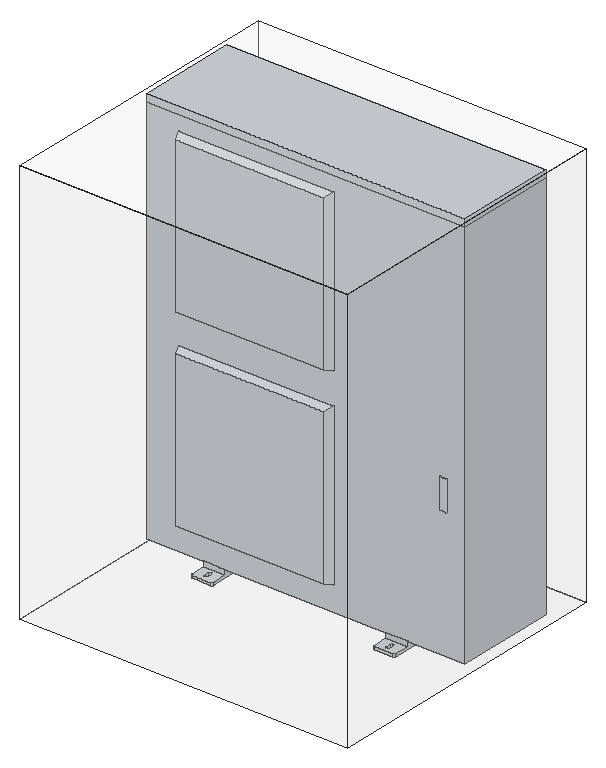
Revit family "puz-dhrmp80_140ka4_60hz", category 機械設備, Revit 2019 (continued)
Definition of nested family "PUZ-HDRMP-3"
  Dimensions and locks
    aligned and locked: plane 50 to curve 20
    aligned and locked: plane 57 to Extrusion 5 sketch curve
    aligned and locked: plane 53 to Extrusion 5 sketch curve
    aligned and locked: plane 58 to Extrusion 6 sketch curve
    aligned and locked: plane 56 to Extrusion 6 sketch curve
    aligned and locked: plane 61 to Extrusion 7 sketch curve
    aligned and locked: plane 54 to Extrusion 7 sketch curve
    aligned and locked: plane 55 to Extrusion 7
    aligned and locked: Extrusion 7 to plane 62
    aligned and locked: plane 64 to Extrusion 6
    aligned and locked: plane 63 to Extrusion 5
    aligned and locked: Extrusion 6 to plane 60
    aligned and locked: Extrusion 5 to plane 59
    aligned and locked: plane 66 to Extrusion 8 sketch curve
    aligned and locked: plane 65 to Extrusion 8 sketch curve
    aligned and locked: Extrusion 8 to plane 60
    aligned and locked: plane 64 to Extrusion 8
    aligned and locked: Blend 9 sketch curve to plane 71
    aligned and locked: Blend 9 sketch curve to plane 72
    aligned and locked: Blend 9 sketch curve to plane 42
    aligned and locked: Blend 9 sketch curve to plane 41
    aligned and locked: plane 45 to Blend 9 sketch curve
    aligned and locked: Blend 9 sketch curve to plane 46
    aligned and locked: Blend 9 sketch curve to plane 73
    aligned and locked: plane 74 to Blend 9 sketch curve
    aligned and locked: Blend 9 to plane 8
    aligned and locked: plane 38 to Blend 9
    aligned and locked: plane 22 to Extrusion 10 sketch curve
    aligned and locked: plane 21 to Extrusion 10 sketch curve
    aligned and locked: Extrusion 10 sketch curve to Extrusion 1  (x4)
    aligned and locked: Extrusion 10 sketch curve to plane 23
    aligned and locked: Extrusion 10 sketch curve to plane 20
    aligned and locked: plane 24 to Extrusion 10
    aligned and locked: Extrusion 10 to level
    aligned and locked: plane 25 to Extrusion 11
    aligned and locked: Extrusion 11 to plane 26
    aligned and locked: Masking region 1 sketch curve to Extrusion 3  (x4)
    aligned and locked: Masking region 1 sketch curve to cut or joined group of Extrusion 1, Extrusion 10  (x8)
    aligned and locked: Masking region 1 sketch curve to Blend 9  (x3)
    aligned and locked: plane 51 to Extrusion 11 sketch curve
    aligned and locked: plane 52 to Extrusion 11 sketch curve
    aligned and locked: plane 76 to Extrusion 11 sketch curve
    aligned and locked: plane 77 to Extrusion 11 sketch curve
    aligned and locked: plane 78 to Extrusion 11 sketch curve
    aligned and locked: plane 79 to Extrusion 11 sketch curve
    aligned and locked: plane 75 to Extrusion 11 sketch curve  (x4)
  Automatic sketch dimensions
    plane 7 to Extrusion 1 sketch curve = 0 mm  (x2)
    Extrusion 1 sketch curve to plane 18 = 0 mm
    plane 8 to Extrusion 1 sketch curve = 0 mm  (x2)
    Extrusion 1 sketch curve to plane 19 = 0 mm
    Extrusion 1 sketch curve to plane 20 = 0 mm
    Extrusion 1 sketch curve to plane 21 = 0 mm
    curve 187 to curve 188 = 40 mm
    curve 186 to curve 190 = 13.333 mm
    curve 190 to curve 190 = 40 mm
    curve 186 to curve 193 = 0 mm
    curve 186 to curve 188 = 40 mm
    curve 188 to curve 191 = 0 mm
    curve 179 to curve 180 = 40 mm
    curve 178 to curve 182 = 120 mm
    curve 182 to curve 182 = 40 mm
    curve 178 to curve 185 = 0 mm
    curve 178 to curve 180 = 40 mm
    curve 182 to curve 183 = 40 mm
    curve 25 to plane 45 = 0 mm
    curve 24 to plane 45 = 0 mm
    curve 22 to plane 45 = 0 mm
    curve 23 to plane 45 = 0 mm
    curve 26 to plane 45 = 0 mm
    curve 21 to plane 45 = 0 mm
    curve 24 to plane 46 = 0 mm
    curve 25 to plane 46 = 0 mm
    curve 26 to plane 46 = 0 mm
    curve 23 to plane 46 = 0 mm
    curve 22 to plane 46 = 0 mm
    curve 21 to plane 46 = 0 mm
    curve 37 to plane 48 = 0 mm
    curve 52 to plane 48 = 0 mm
    curve 51 to plane 48 = 0 mm
    curve 50 to plane 48 = 0 mm
    curve 49 to plane 48 = 0 mm
    curve 48 to plane 48 = 0 mm
    curve 47 to plane 48 = 0 mm
    curve 46 to plane 48 = 0 mm
    curve 45 to plane 48 = 0 mm
    curve 44 to plane 48 = 0 mm
    curve 43 to plane 48 = 0 mm
    curve 42 to plane 48 = 0 mm
    curve 41 to plane 48 = 0 mm
    curve 27 to plane 48 = 0 mm
    curve 28 to plane 48 = 0 mm
    curve 40 to plane 48 = 0 mm
    curve 39 to plane 48 = 0 mm
    curve 29 to plane 48 = 0 mm
    curve 38 to plane 48 = 0 mm
    curve 30 to plane 48 = 0 mm
    curve 53 to plane 48 = 0 mm
    curve 31 to plane 48 = 0 mm
    curve 36 to plane 48 = 0 mm
    curve 32 to plane 48 = 0 mm
    curve 35 to plane 48 = 0 mm
    curve 33 to plane 48 = 0 mm
    curve 34 to plane 48 = 0 mm
    curve 28 to plane 47 = 0 mm
    curve 41 to plane 47 = 0 mm
    curve 27 to plane 47 = 0 mm
    curve 42 to plane 47 = 0 mm
    curve 31 to plane 47 = 0 mm
    curve 40 to plane 47 = 0 mm
    curve 37 to plane 47 = 0 mm
    curve 39 to plane 47 = 0 mm
    curve 32 to plane 47 = 0 mm
    curve 45 to plane 47 = 0 mm
    curve 36 to plane 47 = 0 mm
    curve 46 to plane 47 = 0 mm
    curve 43 to plane 47 = 0 mm
    curve 47 to plane 47 = 0 mm
    curve 29 to plane 47 = 0 mm
    curve 48 to plane 47 = 0 mm
    curve 30 to plane 47 = 0 mm
    curve 49 to plane 47 = 0 mm
    curve 44 to plane 47 = 0 mm
    curve 50 to plane 47 = 0 mm
    curve 33 to plane 47 = 0 mm
    curve 51 to plane 47 = 0 mm
    curve 35 to plane 47 = 0 mm
    curve 52 to plane 47 = 0 mm
    curve 38 to plane 47 = 0 mm
    curve 53 to plane 47 = 0 mm
    curve 34 to plane 47 = 0 mm
    plane 13 to curve 304 = 138 mm
    curve 304 to plane 46 = 0 mm
    curve 307 to plane 45 = 0 mm
    curve 306 to plane 45 = 0 mm
    curve 303 to plane 45 = 0 mm
    curve 308 to plane 45 = 0 mm
    curve 303 to plane 46 = 0 mm
    curve 306 to plane 46 = 0 mm
    curve 307 to plane 46 = 0 mm
    curve 308 to plane 46 = 0 mm
    curve 309 to plane 45 = 0 mm
    curve 309 to plane 46 = 0 mm
    curve 305 to plane 74 = 0 mm
    curve 305 to plane 73 = 0 mm
    curve 310 to plane 74 = 0 mm
    curve 310 to plane 73 = 0 mm
    curve 311 to plane 73 = 0 mm
    curve 311 to plane 74 = 0 mm
    curve 312 to plane 74 = 0 mm
    curve 312 to plane 73 = 0 mm
    curve 313 to plane 74 = 0 mm
    curve 313 to plane 73 = 0 mm
    curve 314 to plane 73 = 0 mm
    curve 314 to plane 74 = 0 mm
    curve 315 to plane 74 = 0 mm
    curve 315 to plane 73 = 0 mm
    curve 316 to plane 73 = 0 mm
    curve 316 to plane 74 = 0 mm
    curve 317 to plane 74 = 0 mm
    curve 317 to plane 73 = 0 mm
    curve 318 to plane 74 = 0 mm
    curve 318 to plane 73 = 0 mm
    curve 319 to plane 74 = 0 mm
    curve 319 to plane 73 = 0 mm
    curve 320 to plane 74 = 0 mm
    curve 320 to plane 73 = 0 mm
    curve 321 to plane 74 = 0 mm
    curve 321 to plane 73 = 0 mm
    curve 322 to plane 73 = 0 mm
    curve 322 to plane 74 = 0 mm
    curve 323 to plane 73 = 0 mm
    curve 323 to plane 74 = 0 mm
    curve 324 to plane 73 = 0 mm
    curve 324 to plane 74 = 0 mm
    curve 325 to plane 74 = 0 mm
    curve 325 to plane 73 = 0 mm
    curve 326 to plane 74 = 0 mm
    curve 326 to plane 73 = 0 mm
    curve 327 to plane 74 = 0 mm
    curve 327 to plane 73 = 0 mm
    curve 328 to plane 74 = 0 mm
    curve 328 to plane 73 = 0 mm
    curve 329 to plane 74 = 0 mm
    curve 329 to plane 73 = 0 mm
    curve 330 to plane 74 = 0 mm
    curve 330 to plane 73 = 0 mm
    curve 331 to plane 74 = 0 mm
    curve 331 to plane 73 = 0 mm
    curve 332 to plane 73 = 0 mm
    curve 332 to plane 74 = 0 mm
    curve 333 to plane 74 = 0 mm
    curve 333 to plane 73 = 0 mm
    curve 334 to plane 73 = 0 mm
    curve 334 to plane 74 = 0 mm
    curve 335 to plane 74 = 0 mm
    curve 335 to plane 73 = 0 mm
    Extrusion 10 sketch curve to plane 18 = 0 mm  (x2)
    plane 8 to Extrusion 10 sketch curve = 0 mm
    plane 23 to Extrusion 10 sketch curve = 0 mm
    plane 22 to Extrusion 10 sketch curve = 0 mm  (x3)
    plane 16 to Extrusion 10 sketch curve = 0 mm  (x3)
    plane 17 to Extrusion 10 sketch curve = 0 mm  (x3)
    Extrusion 10 sketch curve to plane 15 = 0 mm  (x2)
    Extrusion 10 sketch curve to plane 19 = 0 mm  (x2)
    Extrusion 10 sketch curve to plane 14 = 0 mm  (x2)
    plane 7 to Extrusion 10 sketch curve = 0 mm
    Extrusion 10 sketch curve to plane 18 = 5 mm
    plane 15 to Extrusion 10 sketch curve = 6 mm  (x2)
    plane 19 to Extrusion 10 sketch curve = 5 mm
    Extrusion 10 sketch curve to plane 20 = 5 mm
    plane 14 to Extrusion 10 sketch curve = 6 mm  (x2)
    plane 21 to Extrusion 10 sketch curve = 5 mm
    plane 38 to Extrusion 10 sketch curve = 10 mm  (x2)
    plane 19 to Masking region 1 sketch curve = 0 mm
    plane 21 to Masking region 1 sketch curve = 0 mm
    plane 7 to Masking region 1 sketch curve = 0 mm  (x2)
    Masking region 1 sketch curve to plane 20 = 0 mm
    Masking region 1 sketch curve to plane 18 = 0 mm
    plane 8 to Masking region 1 sketch curve = 0 mm  (x2)
    plane 38 to Masking region 1 sketch curve = 0 mm
    curve 352 to plane 6 = 0 mm
    plane 7 to curve 352 = 0 mm
    curve 353 to plane 18 = 0 mm
    curve 348 to plane 18 = 0 mm
    plane 8 to curve 346 = 0 mm
    curve 354 to plane 19 = 0 mm
    curve 347 to plane 19 = 0 mm
    curve 345 to plane 41 = 0 mm
    plane 38 to curve 344 = 0 mm
    curve 344 to plane 46 = 0 mm
    curve 357 to plane 20 = 0 mm
    curve 343 to plane 20 = 0 mm
    curve 358 to plane 21 = 0 mm
    curve 341 to plane 21 = 0 mm
    curve 339 to plane 45 = 0 mm
    curve 339 to plane 42 = 0 mm
    curve 337 to plane 5 = 0 mm
    plane 22 to curve 354 = 0 mm
    plane 22 to curve 358 = 0 mm
    plane 23 to curve 342 = 0 mm
    plane 23 to curve 347 = 0 mm
    curve 11 to plane 65 = 6 mm
    plane 18 to curve 352 = 28.157 mm
    plane 15 to curve 346 = 0.043 mm
    plane 21 to curve 338 = 11.963 mm
    curve 336 to plane 21 = 9.073 mm
    curve 344 to plane 21 = 22.105 mm
    plane 28 to curve 3 = 5 mm
    curve 3 to plane 45 = 38 mm
    curve 1 to plane 45 = 38 mm
    curve 3 to curve 5 = 0 mm
    curve 4 to plane 29 = 5 mm
    curve 372 to plane 65 = 6 mm
    plane 65 to curve 376 = 9 mm
    curve 12 to plane 65 = 6 mm
    curve 20 to plane 53 = 4 mm
    curve 2 to curve 16 = 15 mm
    plane 51 to curve 15 = 5 mm
Definition of nested family "固定点"
  Parameters (values of type "固定点")
    中心円 = if(W > 599 mm, 12 mm, 10 mm)  # 12 mm
    W = 1000 mm
    D = 1000 mm
  Reference planes
    plane 1 "中心(正面/背面)": y = 0
    plane 2: z = 0
    plane 3 "中心(左/右)": x = 0
    plane 4: x = 1000
    plane 5: y = 1000
  Lines and regions (mm)
    symbolic lines, detail levels fine
      curve 1: circle (0, 1000, 0) r 6 normal (0, 0, 1)
      curve 2: circle (0, 0, 0) r 6 normal (0, 0, 1)
      curve 3: circle (1000, 1000, 0) r 6 normal (0, 0, 1)
      curve 4: circle (1000, 0, 0) r 6 normal (0, 0, 1)
      curve 5: line (-200, 1000, 0) -> (1200, 1000, 0)
      curve 6: line (-200, 0, 0) -> (1200, 0, 0)
      curve 7: line (0, 1200, 0) -> (0, -200, 0)
      curve 8: line (1000, 1200, 0) -> (1000, -200, 0)
  Dimensions and locks
    "W": plane 3 "中心(左/右)" to plane 4
    "D": plane 1 "中心(正面/背面)" to plane 5
    "中心円": diameter of curve 1
    "中心円": diameter of curve 2
    "中心円": diameter of curve 3
    "中心円": diameter of curve 4
    aligned and locked: level to plane 2
    aligned and locked: plane 5 to curve 1
    aligned and locked: plane 3 "中心(左/右)" to curve 1
    aligned and locked: plane 3 "中心(左/右)" to curve 2
    aligned and locked: plane 1 "中心(正面/背面)" to curve 2
    aligned and locked: plane 4 to curve 3
    aligned and locked: plane 5 to curve 3
    aligned and locked: plane 1 "中心(正面/背面)" to curve 4
    aligned and locked: plane 4 to curve 4
    aligned and locked: plane 1 "中心(正面/背面)" to curve 6
    aligned and locked: curve 7 to plane 3 "中心(左/右)"
    aligned and locked: curve 8 to plane 4
  Automatic sketch dimensions
    curve 5 to plane 5 = 0 mm
    curve 6 to plane 3 "中心(左/右)" = 200 mm
    curve 5 to plane 3 "中心(左/右)" = 200 mm
    curve 4 to curve 6 = 200 mm
    curve 3 to curve 5 = 200 mm
    plane 1 "中心(正面/背面)" to curve 8 = 200 mm
    plane 1 "中心(正面/背面)" to curve 7 = 200 mm
    curve 3 to curve 8 = 200 mm
    curve 1 to curve 7 = 200 mm
Types (9, lengths in mm): name | 音響パワーレベル_冷房 (dB) | 音響パワーレベル_暖房 (dB) | 音響パワーレベル(dB) | 電動機出力_圧縮機 | 消費電力_暖房 | 消費電力_冷房 | 消費電力 | 構成品番 | 暖房能力 | 推奨ブレーカー容量 | 冷房能力 | 冷媒管（ガス）位置Y | 冷媒管位置Y
  室外機_PUZ-DHRMP80KA4 | 66 | 68 | 68 | 1.5 kW | 1.92 kW | 1.77 kW | 1.92 kW | "PUZ-DHRMP80KA4" | 8 kW | 30 A | 7.1 kW | 274 | 282
  室外機_PUZ-DHRMP112KA4 | 66 | 69 | 69 | 2.1 kW | 2.69 kW | 2.5 kW | 2.69 kW | "PUZ-DHRMP112KA4" | 11.2 kW | 30 A | 10 kW | 234 | 262
  室外機_PUZ-DHRMP140KA4 | 68 | 69 | 69 | 2.7 kW | 3.82 kW | 3.69 kW | 3.82 kW | "PUZ-DHRMP140KA4" | 14 kW | 40 A | 12.5 kW | 234 | 262
  室外機_PUZ-DHRMP80KA4-BS | 66 | 68 | 68 | 1.5 kW | 1.92 kW | 1.77 kW | 1.92 kW | "PUZ-DHRMP80KA4-BS" | 8 kW | 30 A | 7.1 kW | 274 | 282
  室外機_PUZ-DHRMP80KA4-BSG | 66 | 68 | 68 | 1.5 kW | 1.92 kW | 1.77 kW | 1.92 kW | "PUZ-DHRMP80KA4-BSG" | 8 kW | 30 A | 7.1 kW | 274 | 282
  室外機_PUZ-DHRMP140KA4-BS | 68 | 69 | 69 | 2.7 kW | 3.82 kW | 3.69 kW | 3.82 kW | "PUZ-DHRMP140KA4-BS" | 14 kW | 40 A | 12.5 kW | 234 | 262
  室外機_PUZ-DHRMP140KA4-BSG | 68 | 69 | 69 | 2.7 kW | 3.82 kW | 3.69 kW | 3.82 kW | "PUZ-DHRMP140KA4-BSG" | 14 kW | 40 A | 12.5 kW | 234 | 262
  室外機_PUZ-DHRMP112KA4-BS | 66 | 69 | 69 | 2.1 kW | 2.69 kW | 2.5 kW | 2.69 kW | "PUZ-DHRMP112KA4-BS" | 11.2 kW | 30 A | 10 kW | 234 | 262
  室外機_PUZ-DHRMP112KA4-BSG | 66 | 69 | 69 | 2.1 kW | 2.69 kW | 2.5 kW | 2.69 kW | "PUZ-DHRMP112KA4-BSG" | 11.2 kW | 30 A | 10 kW | 234 | 262
